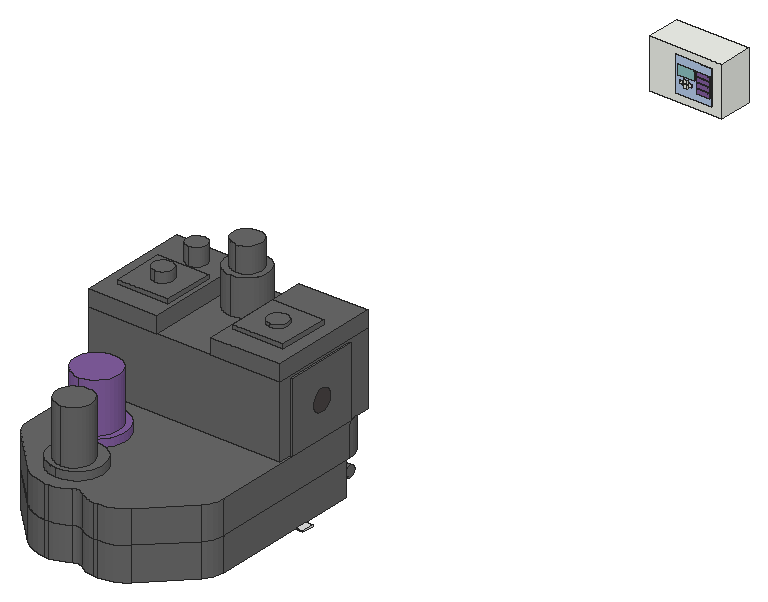
Revit family "11018", category Generic Models, Revit 2021
Family settings
  Can host rebar = No
  Round Connector Dimension = Use Diameter
  Part Type = Normal
  Work Plane-Based = No
  Always vertical = Yes
  Cut with Voids When Loaded = No
  Shared = Yes
  Room Calculation Point = No
Parameters (values of type "11018")
  SUPPLIER = "KESSEL"
  SA700ID49 = "Protection Class I"
  SA700ID48 = "no"
  SA700ID47 = "no"
  SA700ID46 = "yes"
  SA700ID37 = 8000 mm
  SA700ID34 = 40
  SA700ID33 = 1.4 W
  SA700ID32 = 64.23 kg
  SA700ID31 = 1
  SA700ID30 = 1
  SA700ID29 = "RWDR"
  SA700ID21 = 800
  SA700ID10 = "yes"
  SA700ID08 = 400 V
  PROCUREWEBLINK = "https://p.caden.as/kessel/11018"
  PROCURELINK = "p.caden.as/kessel/11018"
  PROCUREDATALASTUPDATE = "2024-05-22T12:18:06.96484972+01:00"
  PREVIEW = "../../_pool_/37/1e/11018.png"
  PRC_SPECIFICATIONLINK = "https://ausschreiben.de/catalog/kessel/catalogItem/cbb5519a-2fd9-4e92-a571-f36a433ad944"
  NN = "Lifting station Aqualift F XL"
  NBSYN = "$SA810ID03."
  NB = "11018"
  Model = "11018"
  Manufacturer = "KESSEL"
  MIdent = "{$CADENAS_DATA/23d-libs/kessel/kessel_vdi_import/4/entwaesserung/hebeanlage20aqualift20f20xl.prj},200 {STYP=ASS},{VTYP=3D},{NB=11018},{LINA=11018},{NN=Lifting station Aqualift F XL},{DATE=21.11.2022 10:48:11},{GEOMDATE=21.11.2022 10:48:11},{VERSION=},{LINEID=20},{WBVAR=LODLEVEL},{WBNUMERIC=LODLEVEL}  {NB=11018},{LINA=11018},{KT=DUMMY},{PREVIEW=../../_pool_/37/1e/11018.png},{SA700ID04=Hebeanlage Aqualift F XL 200 l, Mono, SPF 1500-S3},{SA810ID06=04026092056851},{SA700ID34=40.00},{SA010ID03=201805},{SA810ID03=11018},{SA810ID10=Aqualift F XL 1500W-S3 Mono 200L o.S.KESSEL Aqualift F XL Hebeanlage für fäkalienhaltiges und fäkalienfreies Abwasser. Zur Aufstellung in frostgeschützten Räumen. Monoanlage mit einer Pumpe des Typs SPF 1500-S3Sammelbehälter aus Polyethylen, mit verschraubter Reinigungsöffnung, Anschlussstutzen für Zulauf von oben DN100/150.Inklusive Tauchrohr zur pneumatischen Niveauerfassung,Entlüftungsanschluss DN 70 und Anschluss für eine Handmembranpumpe DN32.Behälter inklusive Haltewinkel zur Auftriebssicherung.Behältervolumen 200 Liter, max. Nutzvolumen bei Zulauf von oben ca. 120 Liter.Zwei seitliche und zwei rückseitige Anbohrflächen zur Montage weiterer Zuläufe bis DN 200 unter Verwendung von Durchgangsdichtungen.Inklusive KESSEL Schaltgerät Aqualift Comfort 400 V.Anwenderfreundliche Menüführung im mehrzeiligem Display. MitSelbstdiagnosesystem (SDS) und Erinnerungsfunktion für nächste Wartung.Anzeige der aktuellen Messwerte. Einfache Einstellung derfunktionsrelevanten Parameter, inklusive Betriebsstundenzähler und potentialfreiem Kontakt. Optionale Weiterleitung von Alarm- und Sammelstörmeldung über GSM Schnittstelle.Schaltgerät mit Volltextanzeige in sechs Sprachen.Abwasserpumpe(n) mit Freistromrad zur Förderung von fäkalienfreiem und fäkalienhaltigem Abwasser gemäß DIN EN 12050-1. Freier Kugeldurchgang mindestens 40 mm. Pumpe(n) überflutungssicher. Inklusive Rückflussverhinderer, mit Druckabgang aus Kunststoff DN 100. Ohne Absperrschieber.Pumpe(n) Typ SPF 1500-S3Fördermenge: max. 40 m³/hFörderhöhe: max. 8 mNennleistung (P2): 1,1 KW je PumpeAufnahmeleistung (P1): 1,4 KW je PumpeBetriebsspannung: 400 V DSNennfrequenz: 50 HzNennstrom: 2,7 AAbsicherung: 3 x 16 A trägeSchutzart (Pumpe): IP68 3mWS/48hSchutzart (Schaltgerät): IP 54Bertiebsart: S3 (50 % Einschaltdauer)Kabellänge: 5 mAußenmaße Anlage mit 200 Liter Behälter (BxTxH): 760 x 980 x 770 mm},{SA700ID37=8.00},{SA700ID33=1.40},{SA700ID08=400},{SA700ID30=1},{SA700ID32=64.23},{SA700ID49=Schutzklasse I},{SA700ID50=intern},{SA200ID03=6},{SA250ID03=vertikal},{SA260ID03=Trockenläuferpumpe},{SA350ID03=normalansaugend},{SA400ID03=E-Motor für Drehstrom},{SA460ID03=direkt},{SA500ID03=Kunststoff, Edelstahl},{SA700ID06=100},{SA700ID07=100},{SA700ID09=3/N/PE 400V},{SA700ID10=Ja},{SA700ID11=50},{SA700ID12=IP 68},{SA700ID13=F},{SA700ID15=40},{SA700ID21=800.00},{SA700ID22=1.10},{SA700ID23=1415},{SA700ID24=1415},{SA700ID26=2.70},{SA700ID27=21.00},{SA700ID28=durchgehend},{SA700ID29=RWDR},{SA700ID31=1},{SA700ID46=ja},{SA700ID47=nein},{SA700ID48=nein},{SA110ID04=Hebeanlage Aqualift F XL},{SA300ID03=einstufig},{SA700ID44=10.00},{SA700ID45=10.00},{SA010ID04=KESSEL AG},{LODLEVEL=200},{LINK=https://www.kessel.de/info?han=11018},{SA970ID01=970},{SA970ID02=7125},{SA970ID03=11018},{SA970ID04=11002617},{SA970ID05=QUAD},{SA970ID06=-410},{SA970ID07=-850},{SA970ID08=0},{SA970ID09=1},{SA970ID10=0},{SA970ID11=0},{SA970ID12=0},{SA970ID13=1},{SA970ID14=0},{SA970ID15=820},{SA970ID16=980},{SA970ID17=771},{LODLEVEL_=200,'Low'},{LODLEVEL_DEU=200,'Low'},{LINK_=https://www.kessel.de/info?han=11018},{LINK_DEU=https://www.kessel.de/info?han=11018},{LODLEVEL_3DB=11018_200},{DNIN1=100},{DNIN2=70},{DNIN4=10},{DNIN5=50},{DNIN6=50},{DNIN7=50},{DNIN8=50},{DNIN9=MIN},{DNOUT1=32},{DNOUT2=100},{DNOUT3=70},{ISD1=96},{ISD2=10},{ISDOUT1=40},{ISDOUT2=70},{ISDOUT3=65},{SA010ID01=010},{SA010ID02=4},{SA010ID06=www.kessel.de},{SA010ID07=www.kessel.de},{SA010ID12=20180713},{SA010ID13=DEU},{SA010ID14=DE},{SA100ID01=100},{SA100ID02=4},{SA100ID04=Entwässerung},{SA110ID01=110},{SA110ID02=6},{SA200ID01=200},{SA200ID02=6},{SA250ID01=250},{SA250ID02=2},{SA260ID01=260},{SA260ID02=2},{SA300ID01=300},{SA300ID02=1},{SA350ID01=350},{SA350ID02=1},{SA400ID01=400},{SA400ID02=2},{SA460ID01=460},{SA460ID02=1},{SA500ID01=500},{SA500ID02=1},{SA700ID01=700},{SA700ID02=43},{SA700ID10_=1},{SA700ID16=0},{SA700ID25=0},{SA700ID46_=1},{SA700ID47_=0},{SA700ID48_=0},{SA700ID49_=1},{SA700ID50_=2},{SA800ID01=800},{SA800ID02=7},{SA810ID01=810},{SA810ID02=43},{SA810ID04=11018},{SA810ID07=43},{SA810ID09=1},{SA810ID14=PCE},{SA810ID15=1},{SA810ID16=NMP},{SA960ID03=43},{SA960ID04=3L},{SA960ID08=https://www.kessel.de/info?han=11018},{SA010ID08=4026092000007},{SA100ID05=Hebeanlage},{SA110ID06=Hebeanlage}"
  LINK = "https://www.kessel.de/info?han=11018"
  LINA = "11018"
  Default Elevation = 0 mm
  CREATOR = "CADENAS GmbH"
  CATALOG = "KESSEL"
  BOMINFO = "LINA"
  ARTICLENO = "NB"
  4.810.00.9 Order quantity (multiplicator) = "1"
  4.810.00.7 Media- connection number = "43"
  4.810.00.6 GTIN number = "04026092056851"
  4.810.00.4 DATANORM number = "11018"
  4.810.00.3 Producer order number = "11018"
  4.710.03.7 Mass (net) = 64.23 kg
  4.710.03.6 Height = 788 mm
  4.710.03.5 Width = 760 mm
  4.710.03.4 Length = 980 mm
  4.710.03.3 Type of dimensions = "2"
  4.710.02.8 Area of application of wastewater pump = "1"
  4.710.02.7 Art des S2/S3-Betriebs = "50 %"
  4.710.02.6 Duty type = "S3"
  4.710.02.5 Cutting device = "0"
  4.710.02.4 Attached pump control = "1"
  4.710.02.3 Free passage = 40 mm
  4.710.01.6 Option to connect to building automation = "40"
  4.710.01.5 Load regulation = "0"
  4.710.01.4 Designation of closed-loop control = "120"
  4.710.01.3 Identifier for closed-loop control = "200"
  4.700.00.9 Voltage = 0
  4.700.00.8 Nominal connection size on suction side = "100"
  4.700.00.7 Nominal connection size on pressure side = "100"
  4.700.00.6 Type of connection = "100"
  4.700.00.4 Product indentification = "Hebeanlage Aqualift F XL 200 l, Mono, SPF 1500-S3"
  4.700.00.28 Motor pump shaft = "durchgehend"
  4.700.00.27 Starting current = 21
  4.700.00.26 Maximum power consumption per pump / drive = 2.7
  4.700.00.25 Minimum speed at internal speed adjustment = 0
  4.700.00.24 Nominal speed / maximum speed n = 23.5833
  4.700.00.23 Nominal speed of motor = 23.5833
  4.700.00.22 Maximum shaft output (P2) per pump/drive = 1.1 W
  4.700.00.16 Maximum temperature of pumped medium = 0 °C
  4.700.00.15 Increased safety class = "40 °C"
  4.700.00.13 Type of protection = "F"
  4.700.00.12 Frequency = 0
  4.700.00.11 Stern-/Dreieck-Anlaufschaltung bei Dreiphasenanschluss oder Drehstrom = "50 Hz"
  4.700.00.10 Phase = "1"
  4.500.00.3 Variant / Variant type / Accessories-name = "Kunststoff, Edelstahl"
  4.460.00.3 Variant / Variant type / Accessories-name = "direkt"
  4.400.00.3 Variant / Variant type / Accessories-name = "E-Motor für Drehstrom"
  4.350.00.3 Variant / Variant type / Accessories-name = "normalansaugend"
  4.300.00.3 Variant / Variant type / Accessories-name = "einstufig"
  4.260.00.3 Variant / Variant type / Accessories-name = "Trockenläuferpumpe"
  4.250.00.3 Variant / Variant type / Accessories-name = "vertikal"
  4.200.00.3 Variant / Variant type / Accessories-name = "6"
  4.110.00.6 Product classification = "Hebeanlage"
  4.110.00.4 Product indentification = "Hebeanlage Aqualift F XL"
  4.100.00.5 Main groups of wares = "Hebeanlage"
  4.100.00.4 Product indentification = "Entwässerung"
  4.010.00.8 Producer ID number = "4026092000007"
  4.010.00.7 Comment = "www.kessel.de"
  4.010.00.6 Web address of the manufacturer = "www.kessel.de"
  4.010.00.4 Manufacturer name = "KESSEL AG"
  4.010.00.3 Date of issuance (month) of guideline = "201805"
  4.010.00.2 Sheet number of the guideline = "4"
  4.010.00.14 Kennungen der Projektländer, für die die Datei gültig ist = "DE"
  4.010.00.13 Sprache der Datei = "DEU"
  4.010.00.12 Stand des Herstellerkatalogs = "20180713"
Reference planes
  plane 1 "Center (Front/Back)": y = 0
  plane 2: z = 0
  plane 3 "Center (Left/Right)": x = 0
Forms (mm)
  Extrusion 1, void
    sketch origin (380.4, -114.999, 392) x (0, -1, 0) y (0, 0, 1)
      loop
        line (-0.5, -0.5) -> (0.5, -0.5) -> (0.5, 0.5) -> (-0.5, 0.5) -> (-0.5, -0.5)
    from 0 to 1
  Extrusion 2, void
    sketch origin (160.15, 130.5, 392) x (1, 0, 0) y (0, 0, 1)
      loop
        line (-0.5, -0.5) -> (0.5, -0.5) -> (0.5, 0.5) -> (-0.5, 0.5) -> (-0.5, -0.5)
    from 0 to 1
  Extrusion 3, void
    sketch origin (-161, 130.5, 392) x (1, 0, 0) y (0, 0, 1)
      loop
        line (-0.5, -0.5) -> (0.5, -0.5) -> (0.5, 0.5) -> (-0.5, 0.5) -> (-0.5, -0.5)
    from 0 to 1
  Extrusion 4, void
    sketch origin (-380.4, -115, 392) x (0, 1, 0) y (0, 0, 1)
      loop
        line (-0.5, -0.5) -> (0.5, -0.5) -> (0.5, 0.5) -> (-0.5, 0.5) -> (-0.5, -0.5)
    from 0 to 1
Dimensions and locks
  locked: plane 2 to Extrusion 1 at 392.5
  locked: plane 2 to Extrusion 1 at 391.5
  locked: plane 2 to Extrusion 2 at 392.5
  locked: plane 2 to Extrusion 2 at 391.5
  locked: plane 2 to Extrusion 3 at 392.5
  locked: plane 2 to Extrusion 3 at 391.5
  locked: plane 2 to Extrusion 4 at 392.5
  locked: plane 2 to Extrusion 4 at 391.5
  aligned and locked: level to plane 2
Nested families
  nested 1: "11018_content" at (0, 0, 0), type "11018_Content"
  nested 2: "11018_part1_X0Y0" at (1000, 1000, 1200), type "11018_PART1_X0Y0"
  nested 3: "11018_part2_X0Y0" at (0, 0, 0), type "11018_PART2_X0Y0"
Connectors
  electrical at (911, 934.75, 1201.5)
    settings: on nested 2, index 1, voltage 0 V, apparent load 0 VA, apparent load phase1 0 VA, apparent load phase2 0 VA, apparent load phase3 0 VA, power factor 1, load classification "Other", number of poles 1, system type 31, power factor state 1, is connector primary yes, connector utility no, sub classification motor no, connector description ""
  piping at (0, 0, 771), diameter 100
    settings: on nested 3, index 2, connector inside diameter 609.6 mm, connector length 0 mm, flow factor 0, pipe flow 0.0 L/s, pressure drop 0.0 Pa, fitting loss kfactor 0, connector angle 0.00°, fixture units 0, engagement length 0 mm, angle of deflection 0.00°, flow configuration 0, flow direction 1, fitting loss method 2, system type 8, joint type 0, gender type 0, connector reference index -1, connector utility 0, adjustable connector no, is connector primary yes, connector description ""
  piping at (380.4, -114.999, 392), diameter 70
    settings: on Extrusion 1, index 3, connector inside diameter 609.6 mm, connector length 0 mm, flow factor 0, pipe flow 0.0 L/s, pressure drop 0.0 Pa, fitting loss kfactor 0, connector angle 0.00°, fixture units 0, engagement length 0 mm, angle of deflection 0.00°, flow configuration 0, flow direction 0, fitting loss method 2, system type 8, joint type 0, gender type 0, connector reference index -1, connector utility 0, adjustable connector no, is connector primary no, connector description ""
  piping at (160.15, 130.5, 392), diameter 70
    settings: on Extrusion 2, index 4, connector inside diameter 609.6 mm, connector length 0 mm, flow factor 0, pipe flow 0.0 L/s, pressure drop 0.0 Pa, fitting loss kfactor 0, connector angle 0.00°, fixture units 0, engagement length 0 mm, angle of deflection 0.00°, flow configuration 0, flow direction 0, fitting loss method 2, system type 8, joint type 0, gender type 0, connector reference index -1, connector utility 0, adjustable connector no, is connector primary no, connector description ""
  piping at (-161, 130.5, 392), diameter 70
    settings: on Extrusion 3, index 5, connector inside diameter 609.6 mm, connector length 0 mm, flow factor 0, pipe flow 0.0 L/s, pressure drop 0.0 Pa, fitting loss kfactor 0, connector angle 0.00°, fixture units 0, engagement length 0 mm, angle of deflection 0.00°, flow configuration 0, flow direction 0, fitting loss method 2, system type 8, joint type 0, gender type 0, connector reference index -1, connector utility 0, adjustable connector no, is connector primary no, connector description ""
  piping at (-380.4, -115, 392), diameter 70
    settings: on Extrusion 4, index 6, connector inside diameter 609.6 mm, connector length 0 mm, flow factor 0, pipe flow 0.0 L/s, pressure drop 0.0 Pa, fitting loss kfactor 0, connector angle 0.00°, fixture units 0, engagement length 0 mm, angle of deflection 0.00°, flow configuration 0, flow direction 0, fitting loss method 2, system type 8, joint type 0, gender type 0, connector reference index -1, connector utility 0, adjustable connector no, is connector primary no, connector description ""
  piping at (-100, -712, 496), diameter 100
    settings: on nested 3, index 7, connector inside diameter 609.6 mm, connector length 0 mm, flow factor 0, pipe flow 0.0 L/s, pressure drop 0.0 Pa, fitting loss kfactor 0, connector angle 0.00°, fixture units 0, engagement length 0 mm, angle of deflection 0.00°, flow configuration 0, flow direction 2, fitting loss method 2, system type 7, joint type 0, gender type 0, connector reference index -1, connector utility 0, adjustable connector no, is connector primary no, connector description ""
  piping at (-225, 36, 661), diameter 70
    settings: on nested 3, index 8, connector inside diameter 609.6 mm, connector length 0 mm, flow factor 0, pipe flow 0.0 L/s, pressure drop 0.0 Pa, fitting loss kfactor 0, connector angle 0.00°, fixture units 0, engagement length 0 mm, angle of deflection 0.00°, flow configuration 0, flow direction 2, fitting loss method 2, system type 7, joint type 0, gender type 0, connector reference index -1, connector utility 0, adjustable connector no, is connector primary no, connector description ""
  piping at (354.5, 56, 60), diameter 32
    settings: on nested 3, index 9, connector inside diameter 609.6 mm, connector length 0 mm, flow factor 0, pipe flow 0.0 L/s, pressure drop 0.0 Pa, fitting loss kfactor 0, connector angle 0.00°, fixture units 0, engagement length 0 mm, angle of deflection 0.00°, flow configuration 0, flow direction 2, fitting loss method 2, system type 7, joint type 0, gender type 0, connector reference index -1, connector utility 0, adjustable connector no, is connector primary no, connector description ""
  electrical at (-185, -496.75, 477)
    settings: on nested 3, index 10, voltage 0 V, apparent load 0 VA, apparent load phase1 0 VA, apparent load phase2 0 VA, apparent load phase3 0 VA, power factor 1, load classification "Other", number of poles 1, system type 31, power factor state 1, is connector primary no, connector utility no, sub classification motor no, connector description ""
  electrical at (-222.5, -129, 650)
    settings: on nested 3, index 11, voltage 0 V, apparent load 0 VA, apparent load phase1 0 VA, apparent load phase2 0 VA, apparent load phase3 0 VA, power factor 1, load classification "Other", number of poles 1, system type 31, power factor state 1, is connector primary no, connector utility no, sub classification motor no, connector description ""
Definition of nested family "11018_part1_X0Y0"
  Parameters (values of type "11018_PART1_X0Y0")
    SUPPLIER = "KESSEL"
    SA700ID49 = "Protection Class I"
    SA700ID48 = "no"
    SA700ID47 = "no"
    SA700ID46 = "yes"
    SA700ID37 = 8000 mm
    SA700ID34 = 40
    SA700ID33 = 1.4 W
    SA700ID32 = 64.23 kg
    SA700ID31 = 1
    SA700ID30 = 1
    SA700ID29 = "RWDR"
    SA700ID21 = 800
    SA700ID10 = "yes"
    SA700ID08 = 400 V
    PREVIEW = "../../_pool_/37/1e/11018.png"
    NBSYN = "$SA810ID03._PART1"
    NB = "11018_PART1"
    Model = "11018_PART1"
    Manufacturer = "KESSEL"
    MIdent = "{$CADENAS_DATA/23d-libs/kessel/kessel_vdi_import/4/entwaesserung/hebeanlage20aqualift20f20xl.prj},220 {VTYP=3D},{NB=11018_PART1},{LINA=11018_PART1},{NN=Lifting station Aqualift F XL_PART1},{NOPRJ=TRUE},{DATE=21.11.2022 10:48:11},{GEOMDATE=21.11.2022 10:48:11},{VERSION=},{LINEID=20},{WBVAR=LODLEVEL},{WBNUMERIC=LODLEVEL}  {NB=11018_PART1},{LINA=11018_PART1},{KT=DUMMY},{PREVIEW=../../_pool_/37/1e/11018.png},{SA700ID04=Hebeanlage Aqualift F XL 200 l, Mono, SPF 1500-S3},{SA810ID06=04026092056851},{SA700ID34=40.00},{SA010ID03=201805},{SA810ID03=11018},{SA810ID10=Aqualift F XL 1500W-S3 Mono 200L o.S.KESSEL Aqualift F XL Hebeanlage für fäkalienhaltiges und fäkalienfreies Abwasser. Zur Aufstellung in frostgeschützten Räumen. Monoanlage mit einer Pumpe des Typs SPF 1500-S3Sammelbehälter aus Polyethylen, mit verschraubter Reinigungsöffnung, Anschlussstutzen für Zulauf von oben DN100/150.Inklusive Tauchrohr zur pneumatischen Niveauerfassung,Entlüftungsanschluss DN 70 und Anschluss für eine Handmembranpumpe DN32.Behälter inklusive Haltewinkel zur Auftriebssicherung.Behältervolumen 200 Liter, max. Nutzvolumen bei Zulauf von oben ca. 120 Liter.Zwei seitliche und zwei rückseitige Anbohrflächen zur Montage weiterer Zuläufe bis DN 200 unter Verwendung von Durchgangsdichtungen.Inklusive KESSEL Schaltgerät Aqualift Comfort 400 V.Anwenderfreundliche Menüführung im mehrzeiligem Display. MitSelbstdiagnosesystem (SDS) und Erinnerungsfunktion für nächste Wartung.Anzeige der aktuellen Messwerte. Einfache Einstellung derfunktionsrelevanten Parameter, inklusive Betriebsstundenzähler und potentialfreiem Kontakt. Optionale Weiterleitung von Alarm- und Sammelstörmeldung über GSM Schnittstelle.Schaltgerät mit Volltextanzeige in sechs Sprachen.Abwasserpumpe(n) mit Freistromrad zur Förderung von fäkalienfreiem und fäkalienhaltigem Abwasser gemäß DIN EN 12050-1. Freier Kugeldurchgang mindestens 40 mm. Pumpe(n) überflutungssicher. Inklusive Rückflussverhinderer, mit Druckabgang aus Kunststoff DN 100. Ohne Absperrschieber.Pumpe(n) Typ SPF 1500-S3Fördermenge: max. 40 m³/hFörderhöhe: max. 8 mNennleistung (P2): 1,1 KW je PumpeAufnahmeleistung (P1): 1,4 KW je PumpeBetriebsspannung: 400 V DSNennfrequenz: 50 HzNennstrom: 2,7 AAbsicherung: 3 x 16 A trägeSchutzart (Pumpe): IP68 3mWS/48hSchutzart (Schaltgerät): IP 54Bertiebsart: S3 (50 % Einschaltdauer)Kabellänge: 5 mAußenmaße Anlage mit 200 Liter Behälter (BxTxH): 760 x 980 x 770 mm},{SA700ID37=8.00},{SA700ID33=1.40},{SA700ID08=400},{SA700ID30=1},{SA700ID32=64.23},{SA700ID49=Schutzklasse I},{SA700ID50=intern},{SA200ID03=6},{SA250ID03=vertikal},{SA260ID03=Trockenläuferpumpe},{SA350ID03=normalansaugend},{SA400ID03=E-Motor für Drehstrom},{SA460ID03=direkt},{SA500ID03=Kunststoff, Edelstahl},{SA700ID06=100},{SA700ID07=100},{SA700ID09=3/N/PE 400V},{SA700ID10=Ja},{SA700ID11=50},{SA700ID12=IP 68},{SA700ID13=F},{SA700ID15=40},{SA700ID21=800.00},{SA700ID22=1.10},{SA700ID23=1415},{SA700ID24=1415},{SA700ID26=2.70},{SA700ID27=21.00},{SA700ID28=durchgehend},{SA700ID29=RWDR},{SA700ID31=1},{SA700ID46=ja},{SA700ID47=nein},{SA700ID48=nein},{SA110ID04=Hebeanlage Aqualift F XL},{SA300ID03=einstufig},{SA700ID44=10.00},{SA700ID45=10.00},{SA010ID04=KESSEL AG},{LODLEVEL=200},{LINK=https://www.kessel.de/info?han=11018},{SA970ID01=970},{SA970ID02=7125},{SA970ID03=11018},{SA970ID04=11002617},{SA970ID05=QUAD},{SA970ID06=-410},{SA970ID07=-850},{SA970ID08=0},{SA970ID09=1},{SA970ID10=0},{SA970ID11=0},{SA970ID12=0},{SA970ID13=1},{SA970ID14=0},{SA970ID15=820},{SA970ID16=980},{SA970ID17=771},{LODLEVEL_=200,'Low'},{LODLEVEL_DEU=200,'Low'},{LINK_=https://www.kessel.de/info?han=11018},{LINK_DEU=https://www.kessel.de/info?han=11018},{LODLEVEL_3DB=11018_200},{DNIN1=100},{DNIN2=70},{DNIN4=10},{DNIN5=50},{DNIN6=50},{DNIN7=50},{DNIN8=50},{DNIN9=MIN},{DNOUT1=32},{DNOUT2=100},{DNOUT3=70},{ISD1=96},{ISD2=10},{ISDOUT1=40},{ISDOUT2=70},{ISDOUT3=65},{SA010ID01=010},{SA010ID02=4},{SA010ID06=www.kessel.de},{SA010ID07=www.kessel.de},{SA010ID12=20180713},{SA010ID13=DEU},{SA010ID14=DE},{SA100ID01=100},{SA100ID02=4},{SA100ID04=Entwässerung},{SA110ID01=110},{SA110ID02=6},{SA200ID01=200},{SA200ID02=6},{SA250ID01=250},{SA250ID02=2},{SA260ID01=260},{SA260ID02=2},{SA300ID01=300},{SA300ID02=1},{SA350ID01=350},{SA350ID02=1},{SA400ID01=400},{SA400ID02=2},{SA460ID01=460},{SA460ID02=1},{SA500ID01=500},{SA500ID02=1},{SA700ID01=700},{SA700ID02=43},{SA700ID10_=1},{SA700ID16=0},{SA700ID25=0},{SA700ID46_=1},{SA700ID47_=0},{SA700ID48_=0},{SA700ID49_=1},{SA700ID50_=2},{SA800ID01=800},{SA800ID02=7},{SA810ID01=810},{SA810ID02=43},{SA810ID04=11018},{SA810ID07=43},{SA810ID09=1},{SA810ID14=PCE},{SA810ID15=1},{SA810ID16=NMP},{SA960ID03=43},{SA960ID04=3L},{SA960ID08=https://www.kessel.de/info?han=11018},{SA010ID08=4026092000007},{SA100ID05=Hebeanlage},{SA110ID06=Hebeanlage}"
    LINK = "https://www.kessel.de/info?han=11018"
    LINA = "11018_PART1"
    Default Elevation = 1219.2 mm
    CREATOR = "CADENAS GmbH"
    CATALOG = "KESSEL"
    BOMINFO = "LINA"
    ARTICLENO = "NB"
    4.810.00.9 Order quantity (multiplicator) = "1"
    4.810.00.7 Media- connection number = "43"
    4.810.00.6 GTIN number = "04026092056851"
    4.810.00.4 DATANORM number = "11018"
    4.810.00.3 Producer order number = "11018"
    4.710.03.7 Mass (net) = 64.23 kg
    4.710.03.6 Height = 788 mm
    4.710.03.5 Width = 760 mm
    4.710.03.4 Length = 980 mm
    4.710.03.3 Type of dimensions = "2"
    4.710.02.8 Area of application of wastewater pump = "1"
    4.710.02.7 Art des S2/S3-Betriebs = "50 %"
    4.710.02.6 Duty type = "S3"
    4.710.02.5 Cutting device = "0"
    4.710.02.4 Attached pump control = "1"
    4.710.02.3 Free passage = 40 mm
    4.710.01.6 Option to connect to building automation = "40"
    4.710.01.5 Load regulation = "0"
    4.710.01.4 Designation of closed-loop control = "120"
    4.710.01.3 Identifier for closed-loop control = "200"
    4.700.00.9 Voltage = 0
    4.700.00.8 Nominal connection size on suction side = "100"
    4.700.00.7 Nominal connection size on pressure side = "100"
    4.700.00.6 Type of connection = "100"
    4.700.00.4 Product indentification = "Hebeanlage Aqualift F XL 200 l, Mono, SPF 1500-S3"
    4.700.00.28 Motor pump shaft = "durchgehend"
    4.700.00.27 Starting current = 21
    4.700.00.26 Maximum power consumption per pump / drive = 2.7
    4.700.00.25 Minimum speed at internal speed adjustment = 0
    4.700.00.24 Nominal speed / maximum speed n = 23.5833
    4.700.00.23 Nominal speed of motor = 23.5833
    4.700.00.22 Maximum shaft output (P2) per pump/drive = 1.1 W
    4.700.00.16 Maximum temperature of pumped medium = 0 °C
    4.700.00.15 Increased safety class = "40 °C"
    4.700.00.13 Type of protection = "F"
    4.700.00.12 Frequency = 0
    4.700.00.11 Stern-/Dreieck-Anlaufschaltung bei Dreiphasenanschluss oder Drehstrom = "50 Hz"
    4.700.00.10 Phase = "1"
    4.500.00.3 Variant / Variant type / Accessories-name = "Kunststoff, Edelstahl"
    4.460.00.3 Variant / Variant type / Accessories-name = "direkt"
    4.400.00.3 Variant / Variant type / Accessories-name = "E-Motor für Drehstrom"
    4.350.00.3 Variant / Variant type / Accessories-name = "normalansaugend"
    4.300.00.3 Variant / Variant type / Accessories-name = "einstufig"
    4.260.00.3 Variant / Variant type / Accessories-name = "Trockenläuferpumpe"
    4.250.00.3 Variant / Variant type / Accessories-name = "vertikal"
    4.200.00.3 Variant / Variant type / Accessories-name = "6"
    4.110.00.6 Product classification = "Hebeanlage"
    4.110.00.4 Product indentification = "Hebeanlage Aqualift F XL"
    4.100.00.5 Main groups of wares = "Hebeanlage"
    4.100.00.4 Product indentification = "Entwässerung"
    4.010.00.8 Producer ID number = "4026092000007"
    4.010.00.7 Comment = "www.kessel.de"
    4.010.00.6 Web address of the manufacturer = "www.kessel.de"
    4.010.00.4 Manufacturer name = "KESSEL AG"
    4.010.00.3 Date of issuance (month) of guideline = "201805"
    4.010.00.2 Sheet number of the guideline = "4"
    4.010.00.14 Kennungen der Projektländer, für die die Datei gültig ist = "DE"
    4.010.00.13 Sprache der Datei = "DEU"
    4.010.00.12 Stand des Herstellerkatalogs = "20180713"
  Reference planes
    plane 1 "Center (Front/Back)": y = 0
    plane 2: z = 0
    plane 3 "Center (Left/Right)": x = 0
  Dimensions and locks
    aligned and locked: level to plane 2
  Nested families
    nested 1: "11018_part1_content" at (0, 0, 0), type "11018_PART1_Content"
  Definition of nested family "11018_part1_content"
    Parameters (values of type "11018_PART1_Content")
      SUPPLIER = "KESSEL"
      SA700ID49 = "Protection Class I"
      SA700ID48 = "no"
      SA700ID47 = "no"
      SA700ID46 = "yes"
      SA700ID37 = 8000 mm
      SA700ID34 = 40
      SA700ID33 = 1.4 W
      SA700ID32 = 64.23 kg
      SA700ID31 = 1
      SA700ID30 = 1
      SA700ID29 = "RWDR"
      SA700ID21 = 800
      SA700ID10 = "yes"
      SA700ID08 = 400 V
      PREVIEW = "../../_pool_/37/1e/11018.png"
      NBSYN = "$SA810ID03._PART1"
      NB = "11018_PART1"
      Model = "11018_PART1"
      Manufacturer = "KESSEL"
      LINK = "https://www.kessel.de/info?han=11018"
      LINA = "11018_PART1"
      Default Elevation = 1219.2 mm
      CREATOR = "CADENAS GmbH"
      CATALOG = "KESSEL"
      BOMINFO = "LINA"
      ARTICLENO = "NB"
      4.810.00.9 Order quantity (multiplicator) = "1"
      4.810.00.7 Media- connection number = "43"
      4.810.00.6 GTIN number = "04026092056851"
      4.810.00.4 DATANORM number = "11018"
      4.810.00.3 Producer order number = "11018"
      4.710.03.7 Mass (net) = 64.23 kg
      4.710.03.6 Height = 788 mm
      4.710.03.5 Width = 760 mm
      4.710.03.4 Length = 980 mm
      4.710.03.3 Type of dimensions = "2"
      4.710.02.8 Area of application of wastewater pump = "1"
      4.710.02.7 Art des S2/S3-Betriebs = "50 %"
      4.710.02.6 Duty type = "S3"
      4.710.02.5 Cutting device = "0"
      4.710.02.4 Attached pump control = "1"
      4.710.02.3 Free passage = 40 mm
      4.710.01.6 Option to connect to building automation = "40"
      4.710.01.5 Load regulation = "0"
      4.710.01.4 Designation of closed-loop control = "120"
      4.710.01.3 Identifier for closed-loop control = "200"
      4.700.00.9 Voltage = 0
      4.700.00.8 Nominal connection size on suction side = "100"
      4.700.00.7 Nominal connection size on pressure side = "100"
      4.700.00.6 Type of connection = "100"
      4.700.00.4 Product indentification = "Hebeanlage Aqualift F XL 200 l, Mono, SPF 1500-S3"
      4.700.00.28 Motor pump shaft = "durchgehend"
      4.700.00.27 Starting current = 21
      4.700.00.26 Maximum power consumption per pump / drive = 2.7
      4.700.00.25 Minimum speed at internal speed adjustment = 0
      4.700.00.24 Nominal speed / maximum speed n = 23.5833
      4.700.00.23 Nominal speed of motor = 23.5833
      4.700.00.22 Maximum shaft output (P2) per pump/drive = 1.1 W
      4.700.00.16 Maximum temperature of pumped medium = 0 °C
      4.700.00.15 Increased safety class = "40 °C"
      4.700.00.13 Type of protection = "F"
      4.700.00.12 Frequency = 0
      4.700.00.11 Stern-/Dreieck-Anlaufschaltung bei Dreiphasenanschluss oder Drehstrom = "50 Hz"
      4.700.00.10 Phase = "1"
      4.500.00.3 Variant / Variant type / Accessories-name = "Kunststoff, Edelstahl"
      4.460.00.3 Variant / Variant type / Accessories-name = "direkt"
      4.400.00.3 Variant / Variant type / Accessories-name = "E-Motor für Drehstrom"
      4.350.00.3 Variant / Variant type / Accessories-name = "normalansaugend"
      4.300.00.3 Variant / Variant type / Accessories-name = "einstufig"
      4.260.00.3 Variant / Variant type / Accessories-name = "Trockenläuferpumpe"
      4.250.00.3 Variant / Variant type / Accessories-name = "vertikal"
      4.200.00.3 Variant / Variant type / Accessories-name = "6"
      4.110.00.6 Product classification = "Hebeanlage"
      4.110.00.4 Product indentification = "Hebeanlage Aqualift F XL"
      4.100.00.5 Main groups of wares = "Hebeanlage"
      4.100.00.4 Product indentification = "Entwässerung"
      4.010.00.8 Producer ID number = "4026092000007"
      4.010.00.7 Comment = "www.kessel.de"
      4.010.00.6 Web address of the manufacturer = "www.kessel.de"
      4.010.00.4 Manufacturer name = "KESSEL AG"
      4.010.00.3 Date of issuance (month) of guideline = "201805"
      4.010.00.2 Sheet number of the guideline = "4"
      4.010.00.14 Kennungen der Projektländer, für die die Datei gültig ist = "DE"
      4.010.00.13 Sprache der Datei = "DEU"
      4.010.00.12 Stand des Herstellerkatalogs = "20180713"
    Reference planes
      plane 1 "Center (Front/Back)": y = 0
      plane 2: z = 0
      plane 3 "Center (Left/Right)": x = 0
    Forms (mm)
      Extrusion 1, solid, detail levels medium+fine
        sketch origin (139, 0, 0.2) x (0, -1, 0) y (0, 0, 1)
          loop
            line (0, 187.8) -> (0, 0) -> (127.75, 0) -> (127.75, 187.8) -> (0, 187.8)
        from 0 to 278
      Extrusion 2, solid, detail levels medium+fine
        sketch origin (101, -127.75, 26.5) x (0, -1, 0) y (0, 0, 1)
          loop
            line (-1.2, 134.8) -> (-1.2, 0) -> (0.25, 0) -> (0.25, 134.8) -> (-1.2, 134.8)
        from 0 to 139.9
      Extrusion 3, solid, detail levels medium+fine
        sketch origin (22.75, -128, 66) x (0, -1, 0) y (0, 0, 1)
          loop
            line (-1, 12) -> (-1, 0) -> (0.5, 0) -> (0.5, 12) -> (-1, 12)
        from 0 to 12
      Extrusion 4, solid, detail levels medium+fine
        sketch origin (34.65, -128, 93.4) x (0, -1, 0) y (0, 0, 1)
          loop
            line (-1, 37) -> (-1, 0) -> (0.5, 0) -> (0.5, 37) -> (-1, 37)
        from 0 to 66
      Extrusion 5, solid, detail levels medium+fine
        sketch origin (5.5, -128, 74) x (0, -1, 0) y (0, 0, 1)
          loop
            line (-1, 12) -> (-1, 0) -> (0.5, 0) -> (0.5, 12) -> (-1, 12)
        from 0 to 12
      Extrusion 6, solid, detail levels medium+fine
        sketch origin (93.5, -128, 94.4) x (0, -1, 0) y (0, 0, 1)
          loop
            line (0, 16) -> (0, 0) -> (1.75, 0) -> (1.75, 16) -> (0, 16)
        from 0 to 51
      Extrusion 7, solid, detail levels medium+fine
        sketch origin (93.5, -128, 74.4) x (0, -1, 0) y (0, 0, 1)
          loop
            line (0, 16) -> (0, 0) -> (1.75, 0) -> (1.75, 16) -> (0, 16)
        from 0 to 51
      Extrusion 8, solid, detail levels medium+fine
        sketch origin (5.5, -128, 57.5) x (0, -1, 0) y (0, 0, 1)
          loop
            line (-1, 12) -> (-1, 0) -> (0.5, 0) -> (0.5, 12) -> (-1, 12)
        from 0 to 12
      Extrusion 9, solid, detail levels medium+fine
        sketch origin (93.5, -128, 114.4) x (0, -1, 0) y (0, 0, 1)
          loop
            line (0, 16) -> (0, 0) -> (1.75, 0) -> (1.75, 16) -> (0, 16)
        from 0 to 51
      Extrusion 10, solid, detail levels medium+fine
        sketch origin (93.5, -128, 54.4) x (0, -1, 0) y (0, 0, 1)
          loop
            line (0, 16) -> (0, 0) -> (1.75, 0) -> (1.75, 16) -> (0, 16)
        from 0 to 51
      Extrusion 11, solid, detail levels medium+fine
        sketch origin (-11.75, -128, 66) x (0, -1, 0) y (0, 0, 1)
          loop
            line (-1, 12) -> (-1, 0) -> (0.5, 0) -> (0.5, 12) -> (-1, 12)
        from 0 to 12
      Extrusion 12, solid, detail levels medium+fine
        sketch origin (12, -40.25, 0) x (0, 1, 0) y (-1, 0, 0)
          loop
            circle (0, 0) r 5.25
        from 0 to 1.5
      Extrusion 13, solid, detail levels medium+fine
        sketch origin (27, -70.25, 0) x (0, 1, 0) y (-1, 0, 0)
          loop
            circle (0, 0) r 8
        from 0 to 1.5
      Extrusion 14, solid, detail levels medium+fine
        sketch origin (-44, -65.25, 0) x (0, 1, 0) y (-1, 0, 0)
          loop
            circle (0, 0) r 12.5
        from 0 to 1.5
      Extrusion 15, solid, detail levels medium+fine
        sketch origin (42, -42, 0) x (0, 1, 0) y (-1, 0, 0)
          loop
            circle (0, 0) r 8
        from 0 to 1.5
      Extrusion 16, solid, detail levels medium+fine
        sketch origin (57, -70.25, 0) x (0, 1, 0) y (-1, 0, 0)
          loop
            circle (0, 0) r 8
        from 0 to 1.5
      Extrusion 17, solid, detail levels medium+fine
        sketch origin (72, -42, 0) x (0, 1, 0) y (-1, 0, 0)
          loop
            circle (0, 0) r 8
        from 0 to 1.5
      Extrusion 18, solid, detail levels medium+fine
        sketch origin (87, -70.25, 0) x (0, 1, 0) y (-1, 0, 0)
          loop
            circle (0, 0) r 8
        from 0 to 1.5
      Extrusion 19, solid, detail levels medium+fine
        sketch origin (-89, -65.25, 0) x (0, 1, 0) y (-1, 0, 0)
          loop
            circle (0, 0) r 12.5
        from 0 to 1.5
      Extrusion 20, solid, detail levels medium+fine
        sketch origin (77, -15, 0) x (0, 1, 0) y (-1, 0, 0)
          loop
            circle (0, 0) r 6
        from 0 to 1.5
      Extrusion 21, solid, detail levels medium+fine
        sketch origin (102, -42, 0) x (0, 1, 0) y (-1, 0, 0)
          loop
            circle (0, 0) r 8
        from 0 to 1.5
      Extrusion 22, solid, detail levels coarse
        sketch origin (0, -64.875, 0) x (1, 0, 0) y (0, 1, 0)
          loop
            line (-139, -64.875) -> (139, -64.875) -> (139, 64.875) -> (-139, 64.875) -> (-139, -64.875)
        from 0 to 188
    Dimensions and locks
      aligned and locked: level to plane 2
Definition of nested family "11018_part2_X0Y0"
  Parameters (values of type "11018_PART2_X0Y0")
    SUPPLIER = "KESSEL"
    SA700ID49 = "Protection Class I"
    SA700ID48 = "no"
    SA700ID47 = "no"
    SA700ID46 = "yes"
    SA700ID37 = 8000 mm
    SA700ID34 = 40
    SA700ID33 = 1.4 W
    SA700ID32 = 64.23 kg
    SA700ID31 = 1
    SA700ID30 = 1
    SA700ID29 = "RWDR"
    SA700ID21 = 800
    SA700ID10 = "yes"
    SA700ID08 = 400 V
    PREVIEW = "../../_pool_/37/1e/11018.png"
    NBSYN = "$SA810ID03._PART2"
    NB = "11018_PART2"
    Model = "11018_PART2"
    Manufacturer = "KESSEL"
    MIdent = "{$CADENAS_DATA/23d-libs/kessel/kessel_vdi_import/4/entwaesserung/hebeanlage20aqualift20f20xl.prj},220 {VTYP=3D},{NB=11018_PART2},{LINA=11018_PART2},{NN=Lifting station Aqualift F XL_PART2},{NOPRJ=TRUE},{DATE=21.11.2022 10:48:11},{GEOMDATE=21.11.2022 10:48:11},{VERSION=},{LINEID=20},{WBVAR=LODLEVEL},{WBNUMERIC=LODLEVEL}  {NB=11018_PART2},{LINA=11018_PART2},{KT=DUMMY},{PREVIEW=../../_pool_/37/1e/11018.png},{SA700ID04=Hebeanlage Aqualift F XL 200 l, Mono, SPF 1500-S3},{SA810ID06=04026092056851},{SA700ID34=40.00},{SA010ID03=201805},{SA810ID03=11018},{SA810ID10=Aqualift F XL 1500W-S3 Mono 200L o.S.KESSEL Aqualift F XL Hebeanlage für fäkalienhaltiges und fäkalienfreies Abwasser. Zur Aufstellung in frostgeschützten Räumen. Monoanlage mit einer Pumpe des Typs SPF 1500-S3Sammelbehälter aus Polyethylen, mit verschraubter Reinigungsöffnung, Anschlussstutzen für Zulauf von oben DN100/150.Inklusive Tauchrohr zur pneumatischen Niveauerfassung,Entlüftungsanschluss DN 70 und Anschluss für eine Handmembranpumpe DN32.Behälter inklusive Haltewinkel zur Auftriebssicherung.Behältervolumen 200 Liter, max. Nutzvolumen bei Zulauf von oben ca. 120 Liter.Zwei seitliche und zwei rückseitige Anbohrflächen zur Montage weiterer Zuläufe bis DN 200 unter Verwendung von Durchgangsdichtungen.Inklusive KESSEL Schaltgerät Aqualift Comfort 400 V.Anwenderfreundliche Menüführung im mehrzeiligem Display. MitSelbstdiagnosesystem (SDS) und Erinnerungsfunktion für nächste Wartung.Anzeige der aktuellen Messwerte. Einfache Einstellung derfunktionsrelevanten Parameter, inklusive Betriebsstundenzähler und potentialfreiem Kontakt. Optionale Weiterleitung von Alarm- und Sammelstörmeldung über GSM Schnittstelle.Schaltgerät mit Volltextanzeige in sechs Sprachen.Abwasserpumpe(n) mit Freistromrad zur Förderung von fäkalienfreiem und fäkalienhaltigem Abwasser gemäß DIN EN 12050-1. Freier Kugeldurchgang mindestens 40 mm. Pumpe(n) überflutungssicher. Inklusive Rückflussverhinderer, mit Druckabgang aus Kunststoff DN 100. Ohne Absperrschieber.Pumpe(n) Typ SPF 1500-S3Fördermenge: max. 40 m³/hFörderhöhe: max. 8 mNennleistung (P2): 1,1 KW je PumpeAufnahmeleistung (P1): 1,4 KW je PumpeBetriebsspannung: 400 V DSNennfrequenz: 50 HzNennstrom: 2,7 AAbsicherung: 3 x 16 A trägeSchutzart (Pumpe): IP68 3mWS/48hSchutzart (Schaltgerät): IP 54Bertiebsart: S3 (50 % Einschaltdauer)Kabellänge: 5 mAußenmaße Anlage mit 200 Liter Behälter (BxTxH): 760 x 980 x 770 mm},{SA700ID37=8.00},{SA700ID33=1.40},{SA700ID08=400},{SA700ID30=1},{SA700ID32=64.23},{SA700ID49=Schutzklasse I},{SA700ID50=intern},{SA200ID03=6},{SA250ID03=vertikal},{SA260ID03=Trockenläuferpumpe},{SA350ID03=normalansaugend},{SA400ID03=E-Motor für Drehstrom},{SA460ID03=direkt},{SA500ID03=Kunststoff, Edelstahl},{SA700ID06=100},{SA700ID07=100},{SA700ID09=3/N/PE 400V},{SA700ID10=Ja},{SA700ID11=50},{SA700ID12=IP 68},{SA700ID13=F},{SA700ID15=40},{SA700ID21=800.00},{SA700ID22=1.10},{SA700ID23=1415},{SA700ID24=1415},{SA700ID26=2.70},{SA700ID27=21.00},{SA700ID28=durchgehend},{SA700ID29=RWDR},{SA700ID31=1},{SA700ID46=ja},{SA700ID47=nein},{SA700ID48=nein},{SA110ID04=Hebeanlage Aqualift F XL},{SA300ID03=einstufig},{SA700ID44=10.00},{SA700ID45=10.00},{SA010ID04=KESSEL AG},{LODLEVEL=200},{LINK=https://www.kessel.de/info?han=11018},{SA970ID01=970},{SA970ID02=7125},{SA970ID03=11018},{SA970ID04=11002617},{SA970ID05=QUAD},{SA970ID06=-410},{SA970ID07=-850},{SA970ID08=0},{SA970ID09=1},{SA970ID10=0},{SA970ID11=0},{SA970ID12=0},{SA970ID13=1},{SA970ID14=0},{SA970ID15=820},{SA970ID16=980},{SA970ID17=771},{LODLEVEL_=200,'Low'},{LODLEVEL_DEU=200,'Low'},{LINK_=https://www.kessel.de/info?han=11018},{LINK_DEU=https://www.kessel.de/info?han=11018},{LODLEVEL_3DB=11018_200},{DNIN1=100},{DNIN2=70},{DNIN4=10},{DNIN5=50},{DNIN6=50},{DNIN7=50},{DNIN8=50},{DNIN9=MIN},{DNOUT1=32},{DNOUT2=100},{DNOUT3=70},{ISD1=96},{ISD2=10},{ISDOUT1=40},{ISDOUT2=70},{ISDOUT3=65},{SA010ID01=010},{SA010ID02=4},{SA010ID06=www.kessel.de},{SA010ID07=www.kessel.de},{SA010ID12=20180713},{SA010ID13=DEU},{SA010ID14=DE},{SA100ID01=100},{SA100ID02=4},{SA100ID04=Entwässerung},{SA110ID01=110},{SA110ID02=6},{SA200ID01=200},{SA200ID02=6},{SA250ID01=250},{SA250ID02=2},{SA260ID01=260},{SA260ID02=2},{SA300ID01=300},{SA300ID02=1},{SA350ID01=350},{SA350ID02=1},{SA400ID01=400},{SA400ID02=2},{SA460ID01=460},{SA460ID02=1},{SA500ID01=500},{SA500ID02=1},{SA700ID01=700},{SA700ID02=43},{SA700ID10_=1},{SA700ID16=0},{SA700ID25=0},{SA700ID46_=1},{SA700ID47_=0},{SA700ID48_=0},{SA700ID49_=1},{SA700ID50_=2},{SA800ID01=800},{SA800ID02=7},{SA810ID01=810},{SA810ID02=43},{SA810ID04=11018},{SA810ID07=43},{SA810ID09=1},{SA810ID14=PCE},{SA810ID15=1},{SA810ID16=NMP},{SA960ID03=43},{SA960ID04=3L},{SA960ID08=https://www.kessel.de/info?han=11018},{SA010ID08=4026092000007},{SA100ID05=Hebeanlage},{SA110ID06=Hebeanlage}"
    LINK = "https://www.kessel.de/info?han=11018"
    LINA = "11018_PART2"
    Default Elevation = 1219.2 mm
    CREATOR = "CADENAS GmbH"
    CATALOG = "KESSEL"
    BOMINFO = "LINA"
    ARTICLENO = "NB"
    4.810.00.9 Order quantity (multiplicator) = "1"
    4.810.00.7 Media- connection number = "43"
    4.810.00.6 GTIN number = "04026092056851"
    4.810.00.4 DATANORM number = "11018"
    4.810.00.3 Producer order number = "11018"
    4.710.03.7 Mass (net) = 64.23 kg
    4.710.03.6 Height = 788 mm
    4.710.03.5 Width = 760 mm
    4.710.03.4 Length = 980 mm
    4.710.03.3 Type of dimensions = "2"
    4.710.02.8 Area of application of wastewater pump = "1"
    4.710.02.7 Art des S2/S3-Betriebs = "50 %"
    4.710.02.6 Duty type = "S3"
    4.710.02.5 Cutting device = "0"
    4.710.02.4 Attached pump control = "1"
    4.710.02.3 Free passage = 40 mm
    4.710.01.6 Option to connect to building automation = "40"
    4.710.01.5 Load regulation = "0"
    4.710.01.4 Designation of closed-loop control = "120"
    4.710.01.3 Identifier for closed-loop control = "200"
    4.700.00.9 Voltage = 0
    4.700.00.8 Nominal connection size on suction side = "100"
    4.700.00.7 Nominal connection size on pressure side = "100"
    4.700.00.6 Type of connection = "100"
    4.700.00.4 Product indentification = "Hebeanlage Aqualift F XL 200 l, Mono, SPF 1500-S3"
    4.700.00.28 Motor pump shaft = "durchgehend"
    4.700.00.27 Starting current = 21
    4.700.00.26 Maximum power consumption per pump / drive = 2.7
    4.700.00.25 Minimum speed at internal speed adjustment = 0
    4.700.00.24 Nominal speed / maximum speed n = 23.5833
    4.700.00.23 Nominal speed of motor = 23.5833
    4.700.00.22 Maximum shaft output (P2) per pump/drive = 1.1 W
    4.700.00.16 Maximum temperature of pumped medium = 0 °C
    4.700.00.15 Increased safety class = "40 °C"
    4.700.00.13 Type of protection = "F"
    4.700.00.12 Frequency = 0
    4.700.00.11 Stern-/Dreieck-Anlaufschaltung bei Dreiphasenanschluss oder Drehstrom = "50 Hz"
    4.700.00.10 Phase = "1"
    4.500.00.3 Variant / Variant type / Accessories-name = "Kunststoff, Edelstahl"
    4.460.00.3 Variant / Variant type / Accessories-name = "direkt"
    4.400.00.3 Variant / Variant type / Accessories-name = "E-Motor für Drehstrom"
    4.350.00.3 Variant / Variant type / Accessories-name = "normalansaugend"
    4.300.00.3 Variant / Variant type / Accessories-name = "einstufig"
    4.260.00.3 Variant / Variant type / Accessories-name = "Trockenläuferpumpe"
    4.250.00.3 Variant / Variant type / Accessories-name = "vertikal"
    4.200.00.3 Variant / Variant type / Accessories-name = "6"
    4.110.00.6 Product classification = "Hebeanlage"
    4.110.00.4 Product indentification = "Hebeanlage Aqualift F XL"
    4.100.00.5 Main groups of wares = "Hebeanlage"
    4.100.00.4 Product indentification = "Entwässerung"
    4.010.00.8 Producer ID number = "4026092000007"
    4.010.00.7 Comment = "www.kessel.de"
    4.010.00.6 Web address of the manufacturer = "www.kessel.de"
    4.010.00.4 Manufacturer name = "KESSEL AG"
    4.010.00.3 Date of issuance (month) of guideline = "201805"
    4.010.00.2 Sheet number of the guideline = "4"
    4.010.00.14 Kennungen der Projektländer, für die die Datei gültig ist = "DE"
    4.010.00.13 Sprache der Datei = "DEU"
    4.010.00.12 Stand des Herstellerkatalogs = "20180713"
  Reference planes
    plane 1 "Center (Front/Back)": y = 0
    plane 2: z = 0
    plane 3 "Center (Left/Right)": x = 0
  Dimensions and locks
    aligned and locked: level to plane 2
  Nested families
    nested 1: "11018_part2_content" at (0, 0, 0), type "11018_PART2_Content"
  Definition of nested family "11018_part2_content"
    Parameters (values of type "11018_PART2_Content")
      SUPPLIER = "KESSEL"
      SA700ID49 = "Protection Class I"
      SA700ID48 = "no"
      SA700ID47 = "no"
      SA700ID46 = "yes"
      SA700ID37 = 8000 mm
      SA700ID34 = 40
      SA700ID33 = 1.4 W
      SA700ID32 = 64.23 kg
      SA700ID31 = 1
      SA700ID30 = 1
      SA700ID29 = "RWDR"
      SA700ID21 = 800
      SA700ID10 = "yes"
      SA700ID08 = 400 V
      PREVIEW = "../../_pool_/37/1e/11018.png"
      NBSYN = "$SA810ID03._PART2"
      NB = "11018_PART2"
      Model = "11018_PART2"
      Manufacturer = "KESSEL"
      LINK = "https://www.kessel.de/info?han=11018"
      LINA = "11018_PART2"
      Default Elevation = 1219.2 mm
      CREATOR = "CADENAS GmbH"
      CATALOG = "KESSEL"
      BOMINFO = "LINA"
      ARTICLENO = "NB"
      4.810.00.9 Order quantity (multiplicator) = "1"
      4.810.00.7 Media- connection number = "43"
      4.810.00.6 GTIN number = "04026092056851"
      4.810.00.4 DATANORM number = "11018"
      4.810.00.3 Producer order number = "11018"
      4.710.03.7 Mass (net) = 64.23 kg
      4.710.03.6 Height = 788 mm
      4.710.03.5 Width = 760 mm
      4.710.03.4 Length = 980 mm
      4.710.03.3 Type of dimensions = "2"
      4.710.02.8 Area of application of wastewater pump = "1"
      4.710.02.7 Art des S2/S3-Betriebs = "50 %"
      4.710.02.6 Duty type = "S3"
      4.710.02.5 Cutting device = "0"
      4.710.02.4 Attached pump control = "1"
      4.710.02.3 Free passage = 40 mm
      4.710.01.6 Option to connect to building automation = "40"
      4.710.01.5 Load regulation = "0"
      4.710.01.4 Designation of closed-loop control = "120"
      4.710.01.3 Identifier for closed-loop control = "200"
      4.700.00.9 Voltage = 0
      4.700.00.8 Nominal connection size on suction side = "100"
      4.700.00.7 Nominal connection size on pressure side = "100"
      4.700.00.6 Type of connection = "100"
      4.700.00.4 Product indentification = "Hebeanlage Aqualift F XL 200 l, Mono, SPF 1500-S3"
      4.700.00.28 Motor pump shaft = "durchgehend"
      4.700.00.27 Starting current = 21
      4.700.00.26 Maximum power consumption per pump / drive = 2.7
      4.700.00.25 Minimum speed at internal speed adjustment = 0
      4.700.00.24 Nominal speed / maximum speed n = 23.5833
      4.700.00.23 Nominal speed of motor = 23.5833
      4.700.00.22 Maximum shaft output (P2) per pump/drive = 1.1 W
      4.700.00.16 Maximum temperature of pumped medium = 0 °C
      4.700.00.15 Increased safety class = "40 °C"
      4.700.00.13 Type of protection = "F"
      4.700.00.12 Frequency = 0
      4.700.00.11 Stern-/Dreieck-Anlaufschaltung bei Dreiphasenanschluss oder Drehstrom = "50 Hz"
      4.700.00.10 Phase = "1"
      4.500.00.3 Variant / Variant type / Accessories-name = "Kunststoff, Edelstahl"
      4.460.00.3 Variant / Variant type / Accessories-name = "direkt"
      4.400.00.3 Variant / Variant type / Accessories-name = "E-Motor für Drehstrom"
      4.350.00.3 Variant / Variant type / Accessories-name = "normalansaugend"
      4.300.00.3 Variant / Variant type / Accessories-name = "einstufig"
      4.260.00.3 Variant / Variant type / Accessories-name = "Trockenläuferpumpe"
      4.250.00.3 Variant / Variant type / Accessories-name = "vertikal"
      4.200.00.3 Variant / Variant type / Accessories-name = "6"
      4.110.00.6 Product classification = "Hebeanlage"
      4.110.00.4 Product indentification = "Hebeanlage Aqualift F XL"
      4.100.00.5 Main groups of wares = "Hebeanlage"
      4.100.00.4 Product indentification = "Entwässerung"
      4.010.00.8 Producer ID number = "4026092000007"
      4.010.00.7 Comment = "www.kessel.de"
      4.010.00.6 Web address of the manufacturer = "www.kessel.de"
      4.010.00.4 Manufacturer name = "KESSEL AG"
      4.010.00.3 Date of issuance (month) of guideline = "201805"
      4.010.00.2 Sheet number of the guideline = "4"
      4.010.00.14 Kennungen der Projektländer, für die die Datei gültig ist = "DE"
      4.010.00.13 Sprache der Datei = "DEU"
      4.010.00.12 Stand des Herstellerkatalogs = "20180713"
    Reference planes
      plane 1 "Center (Front/Back)": y = 0
      plane 2: z = 0
      plane 3 "Center (Left/Right)": x = 0
    Forms (mm)
      Extrusion 1, solid, detail levels medium+fine
        sketch origin (0, -700, 130.5) x (1, 0, 0) y (0, 1, 0)
          loop
            arc (-379.67, 111.11) -> (-372.064, 72.826) -> (-350.38, 40.37) r 99.994
            line (-350.38, 40.37) -> (-201.01, -108.99)
            arc (-201.01, -108.99) -> (-155.599, -139.342) -> (-102.029, -150) r 139.954
            line (-102.029, -150) -> (-87.172, -150)
            arc (-87.172, -150) -> (-50.741, -143.793) -> (-18.421, -125.871) r 110.009
            arc (-18.421, -125.871) -> (0.33, -119.29) -> (19.081, -125.871) r 30.004
            arc (19.081, -125.871) -> (51.401, -143.793) -> (87.832, -150) r 110.009
            line (87.832, -150) -> (102.68, -150)
            arc (102.68, -150) -> (156.256, -139.343) -> (201.675, -108.995) r 140
            line (201.675, -108.995) -> (351.043, 40.373)
            arc (351.043, 40.373) -> (372.718, 72.813) -> (380.33, 111.079) r 99.994
            line (380.33, 111.079) -> (380.33, 721.05)
            arc (380.33, 721.05) -> (355.602, 786.915) -> (293.62, 820.2) r 100.014
            line (293.62, 820.2) -> (-292.95, 820.2)
            arc (-292.95, 820.2) -> (-354.938, 786.918) -> (-379.67, 721.05) r 100.011
            line (-379.67, 721.05) -> (-379.67, 111.11)
        from 0 to 125.5
      Extrusion 2, solid, detail levels medium+fine
        sketch origin (0, -700, 1) x (1, 0, 0) y (0, 1, 0)
          loop
            arc (-379.67, 111.11) -> (-372.064, 72.826) -> (-350.38, 40.37) r 99.994
            line (-350.38, 40.37) -> (-201.01, -108.99)
            arc (-201.01, -108.99) -> (-155.599, -139.342) -> (-102.029, -150) r 139.954
            line (-102.029, -150) -> (-87.172, -150)
            arc (-87.172, -150) -> (-50.741, -143.793) -> (-18.421, -125.871) r 110.009
            arc (-18.421, -125.871) -> (0.33, -119.29) -> (19.081, -125.871) r 30.004
            arc (19.081, -125.871) -> (51.401, -143.793) -> (87.832, -150) r 110.009
            line (87.832, -150) -> (102.68, -150)
            arc (102.68, -150) -> (156.256, -139.343) -> (201.675, -108.995) r 140
            line (201.675, -108.995) -> (351.043, 40.373)
            arc (351.043, 40.373) -> (372.718, 72.813) -> (380.33, 111.079) r 99.994
            line (380.33, 111.079) -> (380.33, 699.2) -> (271, 699.2) -> (271, 820.2) -> (-292.95, 820.2)
            arc (-292.95, 820.2) -> (-354.938, 786.918) -> (-379.67, 721.05) r 100.011
            line (-379.67, 721.05) -> (-379.67, 111.11)
        from 0 to 129.5
      Extrusion 3, solid, detail levels medium+fine
        sketch origin (-185, -496.75, 256) x (0, 1, 0) y (-1, 0, 0)
          loop
            circle (0, 0) r 110
        from 0 to 30
      Extrusion 4, solid, detail levels medium+fine
        sketch origin (-185, -496.75, 286) x (0, 1, 0) y (-1, 0, 0)
          loop
            circle (0, 0) r 86
        from 0 to 191
      Extrusion 5, solid, detail levels medium+fine
        sketch origin (-100, -700, 256) x (0, -1, 0) y (1, 0, 0)
          loop
            circle (0, 0) r 100
        from 0 to 32
      Extrusion 6, solid, detail levels medium+fine
        sketch origin (-100, -712, 288) x (0, -1, 0) y (1, 0, 0)
          loop
            circle (0, 0) r 67
        from 0 to 208
      Extrusion 7, solid, detail levels medium+fine
        sketch origin (-370, -305.8, 256) x (0, 1, 0) y (0, 0, 1)
          loop
            line (0, 279) -> (0, 0) -> (425.8, 0) -> (425.8, 279) -> (0, 279)
        from 0 to 740
      Extrusion 8, solid, detail levels medium+fine
        sketch origin (0, 0, 535) x (0, 1, 0) y (-1, 0, 0)
          loop
            circle (0, 0) r 80
        from 0 to 140
      Extrusion 9, solid, detail levels medium+fine
        sketch origin (0, 0, 675) x (0, 1, 0) y (-1, 0, 0)
          loop
            circle (0, 0) r 55
        from 0 to 96
      Extrusion 10, solid, detail levels medium+fine
        sketch origin (19.12, 120, 161) x (0, 1, 0) y (0, 0, 1)
          loop
            line (0, 366.75) -> (0, 0) -> (10, 0) -> (10, 366.75) -> (0, 366.75)
        from 0 to 281.75
      Extrusion 11, solid, detail levels medium+fine
        sketch origin (160.15, 129, 392) x (1, 0, 0) y (0, 0, -1)
          loop
            circle (0, 0) r 40
        from 0 to 1.6
      Extrusion 12, solid, detail levels medium+fine
        sketch origin (-300.88, 120, 161) x (0, 1, 0) y (0, 0, 1)
          loop
            line (0, 366.75) -> (0, 0) -> (10, 0) -> (10, 366.75) -> (0, 366.75)
        from 0 to 281.75
      Extrusion 13, solid, detail levels medium+fine
        sketch origin (-161, 129, 392) x (1, 0, 0) y (0, 0, -1)
          loop
            circle (0, 0) r 40
        from 0 to 1.6
      Extrusion 14, solid, detail levels medium+fine
        sketch origin (-370, -305.8, 535) x (0, 1, 0) y (0, 0, 1)
          loop
            line (0, 61) -> (0, 0) -> (425.8, 0) -> (425.8, 61) -> (0, 61)
        from 0 to 265
      Extrusion 15, solid, detail levels medium+fine
        sketch origin (-320, -226.5, 596) x (0, 1, 0) y (0, 0, 1)
          loop
            line (0, 17) -> (0, 0) -> (195, 0) -> (195, 17) -> (0, 17)
        from 0 to 195
      Extrusion 16, solid, detail levels medium+fine
        sketch origin (-222.5, -129, 613) x (0, 1, 0) y (-1, 0, 0)
          loop
            circle (0, 0) r 38
        from 0 to 37
      Extrusion 17, solid, detail levels medium+fine
        sketch origin (-225, 36, 596) x (0, 1, 0) y (-1, 0, 0)
          loop
            circle (0, 0) r 37.5
        from 0 to 65
      Extrusion 18, solid, detail levels medium+fine
        sketch origin (105, -305.8, 535) x (0, 1, 0) y (0, 0, 1)
          loop
            line (0, 61) -> (0, 0) -> (425.8, 0) -> (425.8, 61) -> (0, 61)
        from 0 to 265
      Extrusion 19, solid, detail levels medium+fine
        sketch origin (125, -226.5, 596) x (0, 1, 0) y (0, 0, 1)
          loop
            line (0, 17) -> (0, 0) -> (195, 0) -> (195, 17) -> (0, 17)
        from 0 to 195
      Extrusion 20, solid, detail levels medium+fine
        sketch origin (222.5, -129, 613) x (0, 1, 0) y (-1, 0, 0)
          loop
            circle (0, 0) r 38
        from 0 to 10
      Extrusion 21, solid, detail levels medium+fine
        sketch origin (369.97, -255.75, 256) x (0, 1, 0) y (0, 0, 1)
          loop
            line (0, 271.75) -> (0, 0) -> (281.75, 0) -> (281.75, 271.75) -> (0, 271.75)
        from 0 to 10
      Extrusion 22, solid, detail levels medium+fine
        sketch origin (378.9, -114.999, 392) x (0, -1, 0) y (0, 0, -1)
          loop
            circle (0, 0) r 40
        from 0 to 1.6
      Extrusion 23, solid, detail levels medium+fine
        sketch origin (-379.97, -255.75, 256) x (0, 1, 0) y (0, 0, 1)
          loop
            line (0, 271.75) -> (0, 0) -> (281.75, 0) -> (281.75, 271.75) -> (0, 271.75)
        from 0 to 10
      Extrusion 24, solid, detail levels medium+fine
        sketch origin (-378.9, -115, 392) x (0, 1, 0) y (0, 0, -1)
          loop
            circle (0, 0) r 40
        from 0 to 1.6
      Extrusion 25, solid, detail levels medium+fine
        sketch origin (379.5, -242.5, 0) x (0, 1, 0) y (0, 0, 1)
          loop
            line (0, 5) -> (0, 0) -> (45, 0) -> (45, 5) -> (0, 5)
        from 0 to 30.5
      Extrusion 26, solid, detail levels medium+fine
        sketch origin (-410, -242.5, 0) x (0, 1, 0) y (0, 0, 1)
          loop
            line (0, 5) -> (0, 0) -> (45, 0) -> (45, 5) -> (0, 5)
        from 0 to 30.5
      Extrusion 27, solid, detail levels medium+fine
        sketch origin (271, 56, 60) x (0, 1, 0) y (0, 0, 1)
          loop
            circle (0, 0) r 20
        from 0 to 83.5
      Extrusion 28, solid, detail levels coarse
        sketch origin (0, -359.7, 0) x (1, 0, 0) y (0, 1, 0)
          loop
            line (-410, -490.3) -> (410, -490.3) -> (410, 490.3) -> (-410, 490.3) -> (-410, -490.3)
        from 0 to 771
    Dimensions and locks
      aligned and locked: level to plane 2
